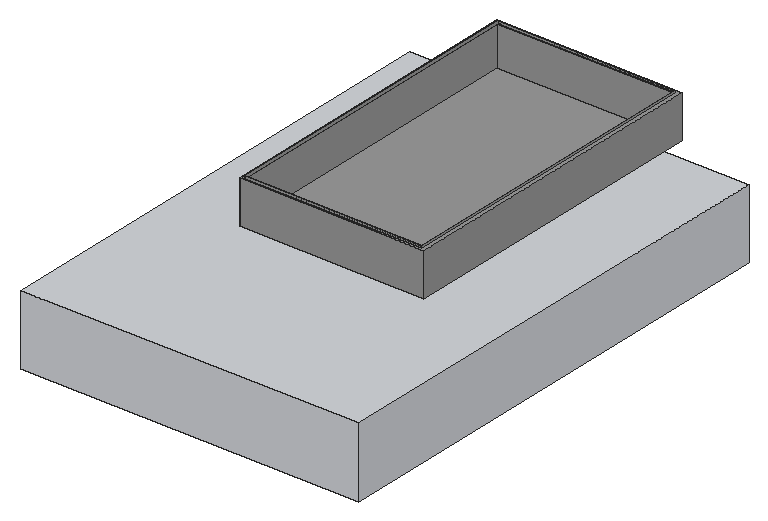
Revit family "Hager-Univers-IP30-D205-H1400-Cl.II-Encl-CH-fr", category Equipement électrique, Revit 2020
Family settings
  Hôte = Face
  Configuration du panneau = Deux colonnes, circuits au sein
  Cote de connecteur circulaire = Utiliser le diamètre
  Type d'élément = Tableau de raccordement
  Couper avec des vides une fois chargée = Non
  Partagée = Non
  Point de calcul de pièce = Non
Parameters (values of type "saillie IP30 L800 H1400 P205  - FP93Q1S")
  Width Control [instance] = if([EF000008 - largeur] > Min Width, [EF000008 - largeur], Min Width)  # 800 mm
  Commentaires du type = [HG000003 - Gamme]  # "Univers"
  Thickness Door [instance] = if([EF009171 - épaisseur de matériau de la porte/du couvercle] > 3 mm, 3 mm, [EF009171 - épaisseur de matériau de la porte/du couvercle])  # 1 mm
  Seal Frame Offset [instance] = 17 mm  # constant formula
  Plinth Visibility [instance] = [HG000027 - Hauteur du socle] > 0 mm  # no
  Model = ""
  Min Width [instance] = 100 mm  # constant formula
  Min Height [instance] = 100 mm  # constant formula
  Min Depth [instance] = (2 * [EF009170 - épaisseur de matériau du boîtier]) + 1 mm  # 3 mm
  Internal Frame Depth [instance] = (Door System Depth * 0.5)  # 9 mm
  Height Control [instance] = if([EF000040 - hauteur] > Min Height, [EF000040 - hauteur], Min Height)  # 1400 mm
  HG000027 - Hauteur du socle = 0 mm
  HG000026 - Installation au sol = no
  HG000024 - Hauteur de la section basse = 800 mm
  HG000023 - Armoire double section = no
  HG000016 - Visibilité de la porte 3D [instance] = yes
  HG000015 - Visibilité de l'emprise de la porte [instance] = no
  HG000014 - Porte à droite [instance] = yes
  HG000013 - Porte à gauche [instance] = not([HG000014 - Porte à droite])  # no
  HG000012 - Angle de pivotement de la porte [instance] = 30.00°
  HG000010 - Portes asymétriques = no
  HG000009 - Porte à double battant = no
  HG000006 - Encastré = no
  HG000004 - Référence fabricant = "FP93Q1S"
  HG000003 - Gamme = "Univers"
  HG000002 - avec porte = no
  Frame Offset Bottom [instance] = 10 mm  # constant formula
  Frame Offset [instance] = 15 mm  # constant formula
  EF015940 - couvercle avec décharge de pression = no
  EF011959 - degré de protection (NEMA) = ""
  EF009554 - nombre d'ouvertures pour plaques à bride = 6
  Fabricant = "Hager"  # constant formula
  EF009212 - finition du couvercle = "EV009916 - avec échancrure"
  EF009171 - épaisseur de matériau de la porte/du couvercle = 1 mm
  EF009170 - épaisseur de matériau du boîtier = 1 mm
  EF008873 - courant nominal (In) = 250 A
  EF007800 - adapté à un parafoudre = no
  EF006306 - avec serrure = no
  EF006244 - couvercle/porte transparent(e) = no
  EF005474 - indice de protection (IP) = "EV006410 - IP30"
  EF004464 - type de porte = "EV000494 - sans"
  EF004427 - nombre de modules = 324
  EF004293 - indice de protection contre les chocs (IK) = "EV006813 - IK07"
  EF003532 - convient pour utilisation à l’extérieur = no
  EF002950 - largeur en nombre de modules = 36
  EF001613 - maintien de fonction = "EV000494 - sans"
  EF001596 - matériau du boîtier/corps = "EV000179 - acier"
  EF001131 - profondeur intérieure = 130 mm
  EF001088 - possibilité de montage en saillie = yes
  EF000437 - nombre d'entrées de conduit = 6
  EF000339 - type de capot = "EV000494 - sans"
  EF000266 - nombre de rangées = 9
  EF000218 - profondeur d'encastrement = 0 mm
  EF000118 - avec cadre/support de montage = no
  EF000116 - numéro RAL = "9010"
  EF000049 - profondeur = 205 mm
  EF000040 - hauteur = 1400 mm
  EF000008 - largeur = 800 mm
  EF000007 - couleur = "EV000202 - blanc"
  EF000003 - mode de pose = "EV000384 - saillie"
  Door System Leaf Tolerance [instance] = 1.5 mm  # constant formula
  Door System Depth [instance] = 18 mm  # constant formula
  Door Height [instance] = Height Control - [HG000027 - Hauteur du socle]  # 1400 mm
  Depth Control [instance] = if([EF000049 - profondeur] > Min Depth, [EF000049 - profondeur], Min Depth)  # 205 mm
  Default Elevation = 0 mm
  Connector Offset [instance] = Height Control / 2  # 700 mm
  Bottom Top Plate Trim [instance] = 1.5 mm  # constant formula
  Plinth height Ctrl [instance] = if([HG000027 - Hauteur du socle] > 0 mm, [HG000027 - Hauteur du socle], 12 mm)  # 12 mm
Types (5, lengths in mm): name | Width Control | HG000004 - Référence fabricant | EF009554 - nombre d'ouvertures pour plaques à bride | EF004427 - nombre de modules | EF002950 - largeur en nombre de modules | EF000437 - nombre d'entrées de conduit | EF000008 - largeur
  saillie IP30 L1050 H1400 P205  - FP94Q1S | 1050 | "FP94Q1S" | 8 | 432 | 48 | 8 | 1050
  saillie IP30 L1300 H1400 P205  - FP95Q1S | 1300 | "FP95Q1S" | 10 | 540 | 60 | 10 | 1300
  saillie IP30 L300 H1400 P205  - FP91Q1S | 300 | "FP91Q1S" | 2 | 108 | 12 | 2 | 300
  saillie IP30 L550 H1400 P205  - FP92Q1S | 550 | "FP92Q1S" | 4 | 216 | 24 | 4 | 550
  saillie IP30 L800 H1400 P205  - FP93Q1S | 800 | "FP93Q1S" | 6 | 324 | 36 | 6 | 800
Reference planes
  plane 1 "Center (Front/Back)": y = 0
  plane 2: z = 0
  plane 3 "Center (Left/Right)": x = 0
  plane 4: z = 205
  plane 5: y = 1
  plane 6: y = 700
  plane 7: y = 0
  plane 8: y = 1400
  plane 9: z = 0
  plane 10: x = -385
  plane 11: x = 385
  plane 12: x = 384
  plane 13: x = -384
  plane 14: y = 1399
  plane 15: x = -383
  plane 16: x = -400
  plane 17: x = 383
  plane 18: x = 400
  plane 19: x = 399
  plane 20: x = -399
  plane 21: y = 11
  plane 22: y = 1400
  plane 23: y = 1384
  plane 24: z = 187
  plane 25: z = 1
  plane 26: z = 186
  plane 27: z = 204
Forms (mm)
  Extrusion 1, solid
    sketch origin (0, 0, 0) x (1, 0, 0) y (0, 1, 0)
      loop
        line (-702.964, 1305) -> (-702.964, -811.445) -> (766.763, -811.445) -> (766.763, 1305) -> (-702.964, 1305)
    from 0 to -304.8
  Extrusion 2, solid, material "Hager_Steel_RAL7035_Light_Grey", visible <- "Plinth Visibility", detail levels medium+fine
    sketch origin (0, 0, 0) x (1, 0, 0) y (0, 1, 0)
      loop
        line (-400, 0) -> (400, 0) -> (400, 12) -> (-400, 12) -> (-400, 0)
    from 0 to 187
  Extrusion 3, solid, material "Hager_Steel_RAL7035_Light_Grey", detail levels medium+fine
    sketch origin (0, 0, 0) x (1, 0, 0) y (0, 1, 0)
      loop
        line (-400, 0) -> (400, 0) -> (400, 1400) -> (-400, 1400) -> (-400, 0)
    from 0 to 187
  Extrusion 4, void
    sketch origin (0, 0, 0) x (1, 0, 0) y (0, 1, 0)
      loop
        line (-399, 1) -> (399, 1) -> (399, 1399) -> (-399, 1399) -> (-399, 1)
    from 1 to 186
  Extrusion 5, void
    sketch origin (-381.607, -4572, 187) x (0, -1, 0) y (-1, 0, 0)
      loop
        line (-4583, 2.393) -> (-5956, 2.393) -> (-5956, -765.607) -> (-4583, -765.607) -> (-4583, 2.393)
    from 0 to 1 <- "EF009170 - épaisseur de matériau du boîtier"
  Extrusion 6, solid, material "Hager_Steel_RAL7035_Light_Grey", detail levels fine
    sketch origin (0, 0, 187) x (1, 0, 0) y (0, 1, 0)
      loop
        line (-384, 1384) -> (-384, 11) -> (384, 11) -> (384, 1384) -> (-384, 1384)
      loop
        line (-385, 10) -> (385, 10) -> (385, 1385) -> (-385, 1385) -> (-385, 10)
    from 0 to 9 <- "Internal Frame Depth"
  Extrusion 7, solid, material "Hager_Steel_RAL7035_Light_Grey", detail levels coarse
    sketch origin (0, 0, 0) x (1, 0, 0) y (0, 1, 0)
      loop
        line (-400, 0) -> (400, 0) -> (400, 1400) -> (-400, 1400) -> (-400, 0)
    from 0 to 205
  Sweep 8, void
    path in 3D
      loop
        line (-400, 12, 0) -> (400, 12, 0) -> (400, 12, 187) -> (-400, 12, 187) -> (-400, 12, 0)
    profile origin (-400, 12, 93.5) x (-1, 0, 0) y (0, -1, 0)
      loop
        line (0, 0) -> (0, 1.5) -> (-1.5, 1.5)
        arc (-1.5, 1.5) -> (-1.061, 0.439) -> (0, 0) r 1.5
Cuts and joins
  Extrusion 4, Extrusion 5 cuts Extrusion 3
  Sweep 8 cuts Extrusion 2
Lines and regions (mm)
  Masking region 1
    outline origin (0, 0, 0) x (1, 0, 0) y (0, 0, 1)
      loop
        line (-400, 205) -> (-400, 0) -> (400, 0) -> (400, 205) -> (-400, 205)
  Masking region 2, detail levels medium+fine
    outline origin (0, 140, 0) x (0, 1, 0) y (0, 0, 1)
      loop
        line (-140, 0) -> (1260, 0) -> (1260, 187) -> (-140, 187) -> (-140, 0)
  Masking region 3, not visible, detail levels medium+fine
    outline origin (0, 297.922, 0) x (0, 1, 0) y (0, 0, 1)
      loop
        line (413.578, 0) -> (453.578, 0) -> (453.578, 194)
        arc (453.578, 194) -> (450.649, 201.071) -> (443.578, 204) r 10
        line (443.578, 204) -> (413.578, 204) -> (413.578, 0)
  Masking region 4, detail levels coarse
    outline origin (0, 0, 180) x (0, 1, 0) y (0, 0, 1)
      loop
        line (0, -180) -> (1400, -180) -> (1400, 25) -> (0, 25) -> (0, -180)
  Masking region 5, visible <- "Plinth Visibility", detail levels medium+fine
    outline origin (0, 52.24, 12.345) x (0, 0, -1) y (0, 1, 0)
      loop
        line (10.845, -40.24) -> (-173.155, -40.24)
        arc (-173.155, -40.24) -> (-173.594, -41.301) -> (-174.655, -41.74) r 1.5
        line (-174.655, -41.74) -> (-174.655, -52.24) -> (12.345, -52.24) -> (12.345, -41.74)
        arc (12.345, -41.74) -> (11.285, -41.301) -> (10.845, -40.24) r 1.5
  Masking region 6, detail levels medium+fine
    outline origin (-381.607, -4572, 187) x (-1, 0, 0) y (0, -1, 0)
      loop
        line (18.393, -5972) -> (18.393, -4572) -> (-781.607, -4572) -> (-781.607, -5972) -> (18.393, -5972)
  Masking region 7, visible <- "Plinth Visibility", detail levels medium+fine
    outline origin (-381.607, -4727, 187) x (-1, 0, 0) y (0, -1, 0)
      loop
        arc (16.893, -4739) -> (17.332, -4737.939) -> (18.393, -4737.5) r 1.5
        line (18.393, -4737.5) -> (18.393, -4727) -> (-781.607, -4727) -> (-781.607, -4737.5)
        arc (-781.607, -4737.5) -> (-780.546, -4737.939) -> (-780.107, -4739) r 1.5
        line (-780.107, -4739) -> (16.893, -4739)
  Masking region 8, detail levels coarse
    outline origin (-442.548, -4669.526, 187) x (-1, 0, 0) y (0, -1, 0)
      loop
        line (-42.548, -6069.526) -> (-42.548, -4669.526) -> (-842.548, -4669.526) -> (-842.548, -6069.526) -> (-42.548, -6069.526)
  sketch lines
    curve 1: line (-400, 12, 187) -> (-400, 12, 0)
    curve 2: line (400, 12, 187) -> (-400, 12, 187)
    curve 3: line (400, 12, 187) -> (400, 12, 0)
    curve 4: line (-400, 12, 0) -> (400, 12, 0)
Dimensions and locks
  "Depth Control": plane 4 to Extrusion 1
  "HG000027 - Hauteur du socle": plane 1 "Center (Front/Back)" to plane 7
  "EF009170 - épaisseur de matériau du boîtier": plane 5 to plane 7
  locked: connector elem to plane 3 "Center (Left/Right)"
  equal spacing: plane 8, plane 6, plane 7
  locked: connector elem to plane 6
  "EF009170 - épaisseur de matériau du boîtier": plane 8 to plane 14
  "EF009170 - épaisseur de matériau du boîtier": plane 10 to plane 13
  "EF009170 - épaisseur de matériau du boîtier": plane 12 to plane 11
  "Frame Offset": plane 20 to plane 13
  "Frame Offset": plane 12 to plane 19
  "EF009170 - épaisseur de matériau du boîtier": plane 16 to plane 20
  "EF009170 - épaisseur de matériau du boîtier": plane 19 to plane 18
  "Seal Frame Offset": plane 16 to plane 15
  "Seal Frame Offset": plane 17 to plane 18
  "Frame Offset Bottom": plane 21 to plane 5
  "Frame Offset": plane 14 to plane 23
  equal spacing: plane 16, plane 3 "Center (Left/Right)", plane 18
  "Width Control": plane 16 to plane 18
  "EF009170 - épaisseur de matériau du boîtier": plane 4 to plane 27
  "EF009170 - épaisseur de matériau du boîtier": plane 24 to plane 26
  "EF009170 - épaisseur de matériau du boîtier": plane 25 to level
  "Door System Depth": plane 4 to plane 24
  "Height Control": plane 1 "Center (Front/Back)" to Extrusion 7 sketch curve
  "Height Control": Masking region 4 sketch curve to plane 1 "Center (Front/Back)"
  "Height Control": plane 1 "Center (Front/Back)" to plane 22
  "Bottom Top Plate Trim": profile plane to Sweep 8 sketch curve
  "Bottom Top Plate Trim": Sweep 8 sketch curve to profile plane
  "Plinth height Ctrl": plane 1 "Center (Front/Back)" to Extrusion 2 sketch curve
  "Plinth height Ctrl": Masking region 5 sketch curve to plane 1 "Center (Front/Back)"
  "Plinth height Ctrl": plane 1 "Center (Front/Back)" to Masking region 7 sketch curve
  "Thickness Door": Extrusion 6 sketch curve to Extrusion 6 sketch curve  (x3)
  "Thickness Door": cut or joined group of Extrusion 3, Extrusion 4, Extrusion 5 to Extrusion 6 sketch curve
  radius of Masking region 3 sketch curve = 10 mm
  "Bottom Top Plate Trim": radius of Masking region 5 sketch curve  (x2)
  "Bottom Top Plate Trim": radius of Sweep 8 sketch curve
  "Bottom Top Plate Trim": radius of Masking region 7 sketch curve  (x2)
  aligned and locked: plane 2 to Extrusion 1
  aligned and locked: level to Extrusion 1
  aligned and locked: level to Masking region 1 sketch curve
  aligned and locked: Masking region 1 sketch curve to plane 18
  aligned and locked: Masking region 1 sketch curve to plane 16
  aligned and locked: plane 7 to Masking region 2 sketch curve
  aligned and locked: level to Masking region 3 sketch curve
  aligned and locked: Masking region 3 sketch curve to plane 27
  aligned and locked: level to Masking region 2 sketch curve
  aligned and locked: plane 1 "Center (Front/Back)" to Extrusion 2 sketch curve
  aligned and locked: Extrusion 3 sketch curve to plane 7
  aligned and locked: plane 16 to Extrusion 3 sketch curve
  aligned and locked: plane 18 to Extrusion 3 sketch curve
  aligned and locked: plane 20 to Extrusion 4 sketch curve
  aligned and locked: plane 19 to Extrusion 4 sketch curve
  aligned and locked: Extrusion 4 sketch curve to plane 5
  aligned and locked: Extrusion 4 to plane 25
  aligned and locked: plane 26 to Extrusion 4
  aligned and locked: plane 24 to Extrusion 3
  aligned and locked: Extrusion 5 sketch curve to plane 21
  aligned and locked: Extrusion 5 sketch curve to plane 13
  aligned and locked: Extrusion 5 sketch curve to plane 12
  aligned and locked: plane 18 to Extrusion 7 sketch curve
  aligned and locked: plane 1 "Center (Front/Back)" to Extrusion 7 sketch curve
  aligned and locked: plane 16 to Extrusion 7 sketch curve
  aligned and locked: plane 4 to Extrusion 7
  aligned and locked: Extrusion 7 to level
  aligned and locked: level to Masking region 4 sketch curve
  aligned and locked: Masking region 4 sketch curve to plane 1 "Center (Front/Back)"
  aligned and locked: Masking region 4 sketch curve to plane 4
  aligned and locked: nested 1 to level
  aligned and locked: nested 1 to plane 16
  aligned and locked: plane 8 to Extrusion 3 sketch curve
  aligned and locked: plane 23 to Extrusion 5 sketch curve
  aligned and locked: plane 14 to Extrusion 4 sketch curve
  aligned and locked: Masking region 2 sketch curve to plane 8
  aligned and locked: level to Masking region 5 sketch curve
  aligned and locked: plane 16 to Extrusion 2 sketch curve
  aligned and locked: plane 18 to Extrusion 2 sketch curve
  aligned and locked: Masking region 5 sketch curve to plane 24
  aligned and locked: Masking region 2 sketch curve to plane 24
  aligned and locked: plane 24 to Extrusion 2
  aligned and locked: profile plane to Sweep 8 sketch curve  (x2)
  aligned and locked: Masking region 6 sketch curve to plane 18
  aligned and locked: Masking region 6 sketch curve to plane 22
  aligned and locked: Masking region 6 sketch curve to plane 16
  aligned and locked: plane 8 to plane 22
  aligned and locked: Masking region 6 sketch curve to plane 7
  aligned and locked: Masking region 7 sketch curve to plane 16
  aligned and locked: Masking region 7 sketch curve to plane 1 "Center (Front/Back)"
  aligned and locked: Masking region 7 sketch curve to plane 18
  aligned and locked: Masking region 8 sketch curve to plane 1 "Center (Front/Back)"
  aligned and locked: Masking region 8 sketch curve to plane 18
  aligned and locked: Masking region 8 sketch curve to plane 22
  aligned and locked: Masking region 8 sketch curve to plane 16
  aligned and locked: nested 2 to plane 7
  aligned and locked: plane 3 "Center (Left/Right)" to nested 2
  aligned and locked: nested 2 to plane 24
  aligned and locked: Extrusion 6 sketch curve to cut or joined group of Extrusion 3, Extrusion 4, Extrusion 5  (x4)
Automatic sketch dimensions
  Extrusion 1 sketch curve to Extrusion 1 sketch curve = 1469.727 mm
  Extrusion 1 sketch curve to Extrusion 1 sketch curve = 2116.445 mm
  Masking region 1 sketch curve to plane 4 = 0 mm
  plane 6 to Masking region 3 sketch curve = 11.5 mm
  Masking region 3 sketch curve to Masking region 3 sketch curve = 30 mm
  Masking region 5 sketch curve to plane 1 "Center (Front/Back)" = 0 mm
Nested families
  nested 1: "Hager_Enclosure_Symbol" at (-400, 0, 0) x (1, 0, 0) z (0, -1, 0), Height <- "Depth Control", Width <- "Width Control", type "Hager_Enclosure_Symbol"
    with Width_Ctrl 800 mm, Width 800 mm, Height_Ctrl 205 mm, Height 205 mm, A_Width_Int 13.453 mm, A_Width 161.438 mm, A_Height_Ctrl 179.375 mm, A_Height 179.375 mm
  nested 2: "EC000058_Univers_Door" at (0, 0, 187) x (1, 0, 0) z (0, 1, 0), Leaf_Tolerance <- "Door System Leaf Tolerance", Angle <- "HG000012 - Angle de pivotement de la porte", Door_Depth <- "Door System Depth", Door_Left <- "HG000013 - Porte à gauche", Transparent <- "EF006244 - couvercle/porte transparent(e)", Assymetrical <- "HG000010 - Portes asymétriques", Width <- "Width Control", Clearance <- "HG000015 - Visibilité de l'emprise de la porte", Double <- "HG000009 - Porte à double battant", 3d_Door <- "HG000016 - Visibilité de la porte 3D", Lock_Visibility <- "EF006306 - avec serrure", Width_Ctrl <- "Width Control", Door_Right <- "HG000014 - Porte à droite", Door <- "HG000002 - avec porte", Height <- "Door Height", Thickness <- "Thickness Door", type "EC000058_Univers_Door", detail levels medium+fine
    with min_wh 3 mm, Width_Ctrl 800 mm, Width 800 mm, Transparent no, Thickness 1 mm, Seal_Material Hager_Rubber, Lock_Visibility no, Lock_Material Hager_Plastic_RAL9005_Jet_Black, Leaf_Width 800 mm, Leaf_Tolerance_External_Sides 0 mm, Leaf_Tolerance 1.5 mm, Leaf_Offset 0 mm, Leaf_Height 1397 mm, Leaf_2_Width 800 mm, Leaf_2_Offset 400 mm, Leaf_1_Width 800 mm, Leaf_1_Offset 400 mm, Height_Ctrl 1400 mm, Height 1400 mm, Glass_Material Hager_Glass, Double_Clearance_Ctrl no, Double no, Door_Right_Ctrl no, Door_Right yes, Door_Material Hager_Steel_RAL7035_Light_Grey, Door_Left_Ctrl no, Door_Left no, Door_Depth 18 mm, Door no, Clearance_Material Hager_Clearance, Clearance_Depth 800 mm, Clearance_Ctrl no, Clearance no, Assymetrical no, Angle 30.00°, 3d_Door yes
Connectors
  electrical at (0, 700, 0)
    settings: on plane 9, index 1, voltage 0 V, apparent load 0 VA, apparent load phase1 0 VA, apparent load phase2 0 VA, apparent load phase3 0 VA, power factor 1, load classification "Other", number of poles 1, system type 30, power factor state 1, is connector primary yes, connector utility no, sub classification motor no, connector description ""
Definition of nested family "Hager_Enclosure_Symbol"
  Parameters (values of type "Hager_Enclosure_Symbol")
    Width_Ctrl [instance] = if(Width > 1 mm, Width, 1 mm)  # 102.27 mm
    Width [instance] = 102.27 mm
    Height_Ctrl [instance] = if(Height > 1 mm, Height, 1 mm)  # 66.5 mm
    A_Width_Int [instance] = if(A_Width / 12 > 2 mm, A_Width / 12, 2 mm)  # 4.364 mm
    A_Width [instance] = if(A_Height_Ctrl * 0.9 > 2 mm, A_Height_Ctrl * 0.9, 2 mm)  # 52.369 mm
    A_Height_Ctrl [instance] = if(A_Height > 2 mm, A_Height, 2 mm)  # 58.188 mm
    Height [instance] = 66.5 mm
    A_Height [instance] = Height - (Height / 8)  # 58.188 mm
  Reference planes
    plane 1 "Centre (avant/arrière)": y = 0
    plane 2: z = 0
    plane 3 "Centre (gauche/droite)": x = 0
    plane 4: x = 52.369
    plane 5: y = 33.042
    plane 6: y = 41.77
    plane 7: y = 66.5
    plane 8: x = 26.184
    plane 9: y = 37.406
    plane 10: x = 102.27
    plane 11: y = 66.5
    plane 12: y = 8.313
  Lines and regions (mm)
    Filled region 1, type "Solid_Black", in view "Niveau de réf."
      outline origin (0, 0, 0) x (1, 0, 0) y (0, 1, 0)
        loop
          line (52.369, 66.5) -> (33.188, 54.536) -> (45.365, 45.006) -> (52.369, 66.5)
    Filled region 2, type "Solid_Black", in view "Niveau de réf."
      outline origin (0, 0, 0) x (1, 0, 0) y (0, 1, 0)
        loop
          line (0, 0) -> (102.27, 0) -> (102.27, 66.5) -> (0, 0)
    detail lines, in view "Niveau de réf."
      curve 1: line (0, 8.313, 0) -> (26.184, 41.77, 0)
      curve 2: line (26.184, 41.77, 0) -> (26.184, 33.042, 0)
      curve 3: line (26.184, 33.042, 0) -> (52.369, 66.5, 0)
  Dimensions and locks
    "A_Width": plane 3 "Centre (gauche/droite)" to plane 4
    equal spacing: plane 3 "Centre (gauche/droite)", plane 8, plane 4
    equal spacing: plane 6, plane 9, plane 5
    equal spacing: curve 3, Filled region 1 sketch curve, Filled region 1 sketch curve
    "Height_Ctrl": plane 1 "Centre (avant/arrière)" to plane 11
    "A_Height_Ctrl": plane 11 to plane 12
    equal spacing: plane 11, plane 9, plane 12
    "A_Width_Int": plane 6 to plane 9
    "Width_Ctrl": plane 3 "Centre (gauche/droite)" to plane 10
    angle Filled region 1 sketch curve to curve 3 = 20.00°
    angle curve 3 to Filled region 1 sketch curve = 20.00°
    locked: curve 3 to Filled region 1 sketch curve (angle 90.00°)
    aligned and locked: plane 10 to Filled region 2
    aligned and locked: plane 11 to Filled region 2 sketch curve
    aligned and locked: plane 10 to Filled region 2 sketch curve
    aligned and locked: plane 3 "Centre (gauche/droite)" to curve 1
    aligned and locked: plane 12 to curve 1
    aligned and locked: plane 7 to plane 11
  Automatic sketch dimensions
    Filled region 1 sketch curve to plane 4 = 0 mm
    Filled region 1 sketch curve to plane 7 = 0 mm
    plane 1 "Centre (avant/arrière)" to Filled region 2 sketch curve = 0 mm
    Filled region 2 sketch curve to plane 3 "Centre (gauche/droite)" = 0 mm
    curve 2 to plane 6 = 0 mm
    curve 2 to plane 8 = 0 mm
    curve 3 to plane 4 = 0 mm
    curve 2 to plane 5 = 0 mm
    curve 3 to plane 7 = 0 mm
Definition of nested family "EC000058_Univers_Door"
  Parameters (values of type "EC000058_Univers_Door")
    min_wh [instance] = (2 * Thickness) + 1 mm  # 11 mm
    Width_Ctrl [instance] = 400 mm
    Width [instance] = 500 mm
    Transparent [instance] = yes
    Thickness [instance] = 5 mm
    Seal_Material [instance] = none
    Lock_Visibility [instance] = yes
    Lock_Material [instance] = none
    Leaf_Width [instance] = if((Width_Ctrl - 2 * Leaf_Tolerance_External_Sides) > 0 mm, (Width_Ctrl - 2 * Leaf_Tolerance_External_Sides), min_wh)  # 400 mm
    Leaf_Tolerance_External_Sides [instance] = 0 mm  # constant formula
    Leaf_Tolerance [instance] = 1.5 mm
    Leaf_Offset [instance] = 0 mm  # constant formula
    Leaf_Height [instance] = if((Height_Ctrl - 2 * Leaf_Tolerance) > 0 mm, (Height_Ctrl - 2 * Leaf_Tolerance), min_wh)  # 497 mm
    Leaf_2_Width [instance] = if(and(and(Double, Assymetrical), Door_Left), (Leaf_Width / 3) - (Leaf_Tolerance / 2), if(and(and(Double, Assymetrical), Door_Right), (Leaf_Width / 3) * 2 - (Leaf_Tolerance / 2), if(and(Double, not(Assymetrical)), (Leaf_Width / 2) - Leaf_Tolerance, Leaf_Width)))  # 400 mm
    Leaf_2_Offset [instance] = if(and(Double, Assymetrical), Leaf_2_Width / 2, if(and(Double, not(Assymetrical)), Leaf_Width / 4, Leaf_Width / 2))  # 200 mm
    Leaf_1_Width [instance] = if(and(and(Double, Assymetrical), Door_Right), (Leaf_Width / 3) - (Leaf_Tolerance / 2), if(and(and(Double, Assymetrical), Door_Left), (Width / 3) * 2 - (Leaf_Tolerance / 2), if(and(Double, not(Assymetrical)), (Leaf_Width / 2) - Leaf_Tolerance, Leaf_Width)))  # 400 mm
    Leaf_1_Offset [instance] = if(and(Double, Assymetrical), Leaf_1_Width / 2, if(and(Double, not(Assymetrical)), Leaf_Width / 4, Leaf_Width / 2))  # 200 mm
    Height_Ctrl [instance] = if(Height > min_wh, Height, min_wh)  # 500 mm
    Height [instance] = 500 mm
    Glass_Material [instance] = none
    Double_Clearance_Ctrl [instance] = and(Double, Clearance)  # no
    Double [instance] = no
    Door_Right_Ctrl [instance] = and(or(Door_Right, Double), Door)  # yes
    Door_Right [instance] = yes
    Door_Material [instance] = none
    Door_Left_Ctrl [instance] = and(or(Door_Left, Double), Door)  # no
    Door_Left [instance] = no
    Door_Depth [instance] = 30 mm
    Door [instance] = yes
    Default Elevation = 1219.2 mm
    Clearance_Material [instance] = none
    Clearance_Depth [instance] = if(Leaf_1_Width > Leaf_2_Width, Leaf_1_Width, Leaf_2_Width)  # 400 mm
    Clearance_Ctrl [instance] = and(not(Double), Clearance)  # yes
    Clearance [instance] = yes
    Assymetrical [instance] = yes
    Angle [instance] = 30.00°
    3d_Door [instance] = yes
  Reference planes
    plane 1 "Center (Front/Back)": y = 0
    plane 2 "Bottom": z = 0
    plane 3 "Center (Left/Right)": x = 0
    plane 4: z = 500
    plane 5: x = -200
    plane 6: x = 200
    plane 7: z = 500
    plane 8: x = -200
    plane 9: z = 0
    plane 10: x = 200
    plane 11: y = 0
    plane 12: z = 1.5
    plane 13: x = -600
    plane 14: y = -400
    plane 15: x = 600
    plane 16: x = 0
    plane 17: x = 0
    plane 18: x = -200
    plane 19: x = 200
    plane 20: z = 498.5
  Forms (mm)
    Extrusion 1, solid, material <- "Clearance_Material", visible <- "Double_Clearance_Ctrl"
      sketch origin (1200, 0, 0) x (1, 0, 0) y (0, 0, -1)
        loop
          line (-1800, -498.5) -> (-600, -498.5) -> (-600, 0) -> (-1800, 0) -> (-1800, -498.5)
      from 0 to -400
  Dimensions and locks
    equal spacing: plane 5, plane 3 "Center (Left/Right)", plane 6
    "Width_Ctrl": plane 5 to plane 6
    "Leaf_Offset": plane 5 to plane 8
    "Leaf_Offset": plane 6 to plane 10
    "Leaf_Offset": plane 9 to level
    "Leaf_Offset": plane 4 to plane 7
    "Height_Ctrl": plane 4 to level
    "Leaf_Tolerance": plane 12 to plane 9
    locked: plane 11 to plane 1 "Center (Front/Back)"
    "Leaf_1_Offset": plane 18 to plane 16
    "Leaf_2_Offset": plane 17 to plane 19
    "Leaf_1_Width": plane 13 to plane 8
    "Leaf_2_Width": plane 10 to plane 15
    "Clearance_Depth": plane 14 to plane 1 "Center (Front/Back)"
    "Leaf_Tolerance_External_Sides": plane 8 to plane 18
    "Leaf_Tolerance_External_Sides": plane 19 to plane 10
    "Leaf_Tolerance": plane 7 to plane 20
    aligned and locked: level to plane 2 "Bottom"
    aligned and locked: nested 1 to plane 16
    aligned and locked: nested 2 to plane 17
    aligned and locked: Extrusion 1 to plane 13
    aligned and locked: plane 15 to Extrusion 1
    aligned and locked: Extrusion 1 to plane 14
    aligned and locked: plane 12 to nested 1
    aligned and locked: nested 2 to plane 12
    aligned and locked: Extrusion 1 to plane 11
    aligned and locked: plane 20 to Extrusion 1
    aligned and locked: nested 2 to plane 11
    aligned and locked: nested 1 to plane 11
  Automatic sketch dimensions
    Extrusion 1 sketch curve to level = 0 mm
    plane 5 to Extrusion 1 sketch curve = 400 mm
    plane 6 to Extrusion 1 sketch curve = 400 mm
    Extrusion 1 sketch curve to plane 4 = 1.5 mm
  Nested families
    nested 1: "EC000058_Univers_Door_Leaf" at (0, 0, 1.5), Width <- "Leaf_1_Width", visible <- "Door_Left_Ctrl", Leaf_Height <- "Leaf_Height", Angle <- "Angle", 3d_Door <- "3d_Door", Transparent <- "Transparent", Clearance Material <- "Clearance_Material", Clearance <- "Clearance_Ctrl", Door_Material <- "Door_Material", Glass_Material <- "Glass_Material", Door_Depth <- "Door_Depth", Lock_Material <- "Lock_Material", Seal_Material <- "Seal_Material", Lock_Visibility <- "Lock_Visibility", Thickness <- "Thickness", type "EC000058_Univers_Door_Leaf"
      with Width 400 mm, Transparent_Glass_Offset 30 mm, Transparent_Ctrl yes, Transparent yes, Thickness 5 mm, Standard no, Seal_Material none, Seal_D2 8 mm, Seal_D1 1 mm, Offset_Internal_Frame 10 mm, Lock_Width 20 mm, Lock_Visibility_3d yes, Lock_Visibility yes, Lock_Thickness_3 3 mm, Lock_Thickness_2 1 mm, Lock_Thickness_1 3 mm, Lock_Radius_Offset_2 16 mm, Lock_Radius_Offset_1 15 mm, Lock_Radius_2 5 mm, Lock_Radius 6 mm, Lock_Offset 5 mm, Lock_Material none, Lock_Height 80 mm, Lock_Cover_Top_Offset_2d 17 mm, Lock_Cover_Height -65 mm, Leaf_Height 497 mm, Internal_Seal_Thickness 8 mm, Internal_Seal_Depth_2 4.5 mm, Internal_Frame_Depth 25 mm, Glass_Thickness -1 mm, Glass_Offset -2 mm, Glass_Material none, Door_Material none, Door_Depth 30 mm, Clearance Material none, Clearance yes, Angle_Ctrl 30.00°, Angle 30.00°, 3d_Door yes
    nested 2: "EC000058_Univers_Door_Leaf" at (0, 0, 1.5) x (-1, 0, 0) z (0, 0, 1), Width <- "Leaf_2_Width", visible <- "Door_Right_Ctrl", Leaf_Height <- "Leaf_Height", Angle <- "Angle", 3d_Door <- "3d_Door", Transparent <- "Transparent", Clearance Material <- "Clearance_Material", Clearance <- "Clearance_Ctrl", Door_Material <- "Door_Material", Glass_Material <- "Glass_Material", Door_Depth <- "Door_Depth", Lock_Material <- "Lock_Material", Seal_Material <- "Seal_Material", Lock_Visibility <- "Lock_Visibility", Thickness <- "Thickness", type "EC000058_Univers_Door_Leaf"
      with Width 400 mm, Transparent_Glass_Offset 30 mm, Transparent_Ctrl yes, Transparent yes, Thickness 5 mm, Standard no, Seal_Material none, Seal_D2 8 mm, Seal_D1 1 mm, Offset_Internal_Frame 10 mm, Lock_Width 20 mm, Lock_Visibility_3d yes, Lock_Visibility yes, Lock_Thickness_3 3 mm, Lock_Thickness_2 1 mm, Lock_Thickness_1 3 mm, Lock_Radius_Offset_2 16 mm, Lock_Radius_Offset_1 15 mm, Lock_Radius_2 5 mm, Lock_Radius 6 mm, Lock_Offset 5 mm, Lock_Material none, Lock_Height 80 mm, Lock_Cover_Top_Offset_2d 17 mm, Lock_Cover_Height -65 mm, Leaf_Height 497 mm, Internal_Seal_Thickness 8 mm, Internal_Seal_Depth_2 4.5 mm, Internal_Frame_Depth 25 mm, Glass_Thickness -1 mm, Glass_Offset -2 mm, Glass_Material none, Door_Material none, Door_Depth 30 mm, Clearance Material none, Clearance yes, Angle_Ctrl 30.00°, Angle 30.00°, 3d_Door yes
  Definition of nested family "EC000058_Univers_Door_Leaf"
    Parameters (values of type "EC000058_Univers_Door_Leaf")
      Width [instance] = 2000 mm
      Transparent_Glass_Offset [instance] = 30 mm
      Transparent_Ctrl [instance] = and(Transparent, [3d_Door])  # yes
      Transparent [instance] = yes
      Thickness [instance] = 5 mm
      Standard [instance] = and(not(Transparent), [3d_Door])  # no
      Seal_Material [instance] = none
      Seal_D2 [instance] = 8 mm  # constant formula
      Seal_D1 [instance] = 1 mm  # constant formula
      Offset_Internal_Frame [instance] = 10 mm  # constant formula
      Lock_Width [instance] = 20 mm  # constant formula
      Lock_Visibility_3d [instance] = and(Lock_Visibility, [3d_Door])  # yes
      Lock_Visibility [instance] = yes
      Lock_Thickness_3 [instance] = 3 mm  # constant formula
      Lock_Thickness_2 [instance] = 1 mm  # constant formula
      Lock_Thickness_1 [instance] = 3 mm  # constant formula
      Lock_Radius_Offset_2 [instance] = Lock_Radius_Offset_1 + 1 mm  # 16 mm
      Lock_Radius_Offset_1 [instance] = 15 mm  # constant formula
      Lock_Radius_2 [instance] = Lock_Radius - 1 mm  # 5 mm
      Lock_Radius [instance] = 6 mm  # constant formula
      Lock_Offset [instance] = 5 mm  # constant formula
      Lock_Material [instance] = none
      Lock_Height [instance] = 80 mm  # constant formula
      Lock_Cover_Top_Offset_2d [instance] = Lock_Radius_Offset_2 + 1 mm  # 17 mm
      Lock_Cover_Height [instance] = -(Lock_Height - Lock_Radius_Offset_1)  # -65 mm
      Leaf_Height [instance] = 2720.336 mm
      Internal_Seal_Thickness [instance] = 8 mm  # constant formula
      Internal_Seal_Depth_2 [instance] = 4.5 mm  # constant formula
      Internal_Frame_Depth [instance] = if(Door_Depth - Thickness > 5 mm, Door_Depth - Thickness, 5 mm)  # 25 mm
      Glass_Thickness [instance] = if(Thickness > 15 mm, Glass_Offset + 10 mm, -1 mm)  # -1 mm
      Glass_Offset [instance] = if(Thickness > 15 mm, -(Thickness + 10 mm) / 2, -2 mm)  # -2 mm
      Glass_Material [instance] = none
      Door_Material [instance] = none
      Door_Depth [instance] = 30 mm
      Default Elevation = 0 mm
      Clearance Material [instance] = none
      Clearance [instance] = yes
      Angle_Ctrl [instance] = if(Angle > 180.00°, 180.00°, Angle)  # 90.00°
      Angle [instance] = 90.00°
      3d_Door [instance] = yes
    Reference planes
      plane 1 "Center (Front/Back)": y = 0
      plane 2: z = 0
      plane 3 "Center (Left/Right)": x = 0
      plane 4: y = 2000
      plane 5: x = -1000
      plane 6: x = 1000
      plane 7: x = -3000
      plane 8: z = 2720.336
      plane 9: z = 30
      plane 10: z = 2690.336
      plane 11: x = 970
      plane 12: x = -970
      plane 13: y = -3
      plane 14: z = 107.833
      plane 15: y = -5
      plane 16: y = -223.314
      plane 17: x = -1000
      plane 18: z = 1360.168
      plane 19: y = 30
    Forms (mm)
      Extrusion 1, solid, material <- "Clearance Material", visible <- "Clearance"
        sketch origin (0, 0, 0) x (1, 0, 0) y (0, 0, 1)
          loop
            line (-3000, 2720.336) -> (-3000, 0) -> (1000, 0) -> (1000, 2720.336) -> (-3000, 2720.336)
        from 0 to -2000
      Extrusion 2, solid, material <- "Door_Material", visible <- "Standard", detail levels medium+fine
        sketch origin (-1000, 0, 0) x (0, 1, 0) y (-1, 0, 0)
          loop
            line (0, 30) -> (0, 25) -> (2000, 25) -> (2000, 30) -> (0, 30)
        from 0 to 2720.336 <- "Leaf_Height"
      Extrusion 3, solid, material <- "Door_Material", visible <- "Transparent_Ctrl", detail levels medium+fine
        sketch origin (-1000, 0, 0) x (0, 1, 0) y (-1, 0, 0)
          loop
            line (0, 25) -> (2000, 25) -> (2000, 30) -> (0, 30) -> (0, 25)
        from 0 to 2720.336 <- "Leaf_Height"
      Extrusion 4, void
        sketch origin (-1025, 2000, 0) x (0, 1, 0) y (0, 0, -1)
          loop
            line (-30, -2690.336) -> (-30, -30) -> (-1970, -30) -> (-1970, -2690.336) -> (-30, -2690.336)
        from 0 to 5 <- "Thickness"
      Sweep 5, solid, material <- "Seal_Material", visible <- "Transparent_Ctrl", detail levels fine
        path in 3D
          loop
            line (-1025, 30, 30) -> (-1025, 30, 2690.336) -> (-1025, 1970, 2690.336) -> (-1025, 1970, 30) -> (-1025, 30, 30)
        profile origin (-1025, 1000, 30) x (1, 0, 0) y (0, 0, 1)
          loop
            line (0, 0) -> (0, -8) -> (1, -8) -> (1, 0) -> (0, 0)
      Extrusion 6, solid, material <- "Glass_Material", visible <- "Transparent_Ctrl", detail levels medium+fine
        sketch origin (-1030, 0, 0) x (0, 1, 0) y (0, 0, -1)
          loop
            line (1970, -2690.336) -> (1970, -30) -> (30, -30) -> (30, -2690.336) -> (1970, -2690.336)
        from -2 <- "Glass_Offset" to -1 <- "Glass_Thickness"
      Extrusion 7, solid, material <- "Door_Material", visible <- "3d_Door", detail levels medium+fine
        sketch origin (-1025, 2000, 0) x (0, -1, 0) y (0, 0, -1)
          loop
            line (0, -2720.336) -> (2000, -2720.336) -> (2000, 0) -> (0, 0) -> (0, -2720.336)
          loop
            line (1995, -5) -> (5, -5) -> (5, -2715.336) -> (1995, -2715.336) -> (1995, -5)
        from 0 to 25 <- "Internal_Frame_Depth"
      Sweep 8, solid, material <- "Seal_Material", visible <- "Transparent_Ctrl", detail levels fine
        path in 3D
          loop
            line (-1025, 0, 0) -> (-1025, 2000, 0) -> (-1025, 2000, 2720.336) -> (-1025, 0, 2720.336) -> (-1025, 0, 0)
        profile origin (-1025, 0, 1360.168) x (1, 0, 0) y (0, 1, 0)
          loop
            line (0, 10) -> (2.975, 10)
            arc (2.975, 10) -> (4.053, 10.447) -> (4.5, 11.525) r 1.525
            line (4.5, 11.525) -> (4.5, 16.527)
            arc (4.5, 16.527) -> (4.069, 17.569) -> (3.027, 18) r 1.473
            line (3.027, 18) -> (0, 18) -> (0, 10)
      Extrusion 9, solid, material <- "Lock_Material", visible <- "Lock_Visibility_3d", detail levels fine
        sketch origin (-1030, 0, 0) x (0, 1, 0) y (0, 0, -1)
          loop
            arc (1993.5, -1400.168) -> (1994.561, -1399.729) -> (1995, -1398.668) r 1.5
            line (1995, -1398.668) -> (1995, -1320.168) -> (1975, -1320.168) -> (1975, -1398.668)
            arc (1975, -1398.668) -> (1975.439, -1399.729) -> (1976.5, -1400.168) r 1.5
            line (1976.5, -1400.168) -> (1993.5, -1400.168)
        from 3 <- "Lock_Thickness_1" to 0
      Blend 10, solid, material <- "Lock_Material", visible <- "Lock_Visibility_3d", detail levels fine
        base sketch origin (-1033, 0, 0) x (0, 1, 0) y (0, 0, -1)
          loop
            line (1975, -1320.168) -> (1975, -1398.668)
            arc (1975, -1398.668) -> (1975.439, -1399.729) -> (1976.5, -1400.168) r 1.5
            line (1976.5, -1400.168) -> (1993.5, -1400.168)
            arc (1993.5, -1400.168) -> (1994.561, -1399.729) -> (1995, -1398.668) r 1.5
            line (1995, -1398.668) -> (1995, -1320.168) -> (1975, -1320.168)
        top sketch origin (-1033, 0, 0) x (0, 1, 0) y (0, 0, -1)
          loop
            line (1976, -1320.168) -> (1976, -1398.668)
            arc (1976, -1398.668) -> (1976.146, -1399.022) -> (1976.5, -1399.168) r 0.5
            line (1976.5, -1399.168) -> (1993.5, -1399.168)
            arc (1993.5, -1399.168) -> (1993.854, -1399.022) -> (1994, -1398.668) r 0.5
            line (1994, -1398.668) -> (1994, -1320.168) -> (1976, -1320.168)
        from 0 to 1 <- "Lock_Thickness_2"
      Blend 11, solid, material <- "Lock_Material", visible <- "Lock_Visibility_3d", detail levels fine
        base sketch origin (-1034, 0, 0) x (0, 1, 0) y (0, 0, -1)
          loop
            line (1978, -1320.168) -> (1978, -1384.168)
            arc (1978, -1384.168) -> (1985, -1391.168) -> (1992, -1384.168) r 7
            line (1992, -1384.168) -> (1992, -1320.168) -> (1978, -1320.168)
        top sketch origin (-1034, 0, 0) x (0, 1, 0) y (0, 0, -1)
          loop
            line (1991, -1320.168) -> (1979, -1320.168) -> (1979, -1383.168)
            arc (1979, -1383.168) -> (1985, -1389.168) -> (1991, -1383.168) r 6
            line (1991, -1383.168) -> (1991, -1320.168)
        from 0 to 3 <- "Lock_Thickness_3"
      Extrusion 12, solid, material <- "Lock_Material", visible <- "Lock_Visibility_3d", detail levels fine
        sketch origin (-1030, 1975, 1320.168) x (1, 0, 0) y (0, -1, 0)
          loop
            line (-7, -19) -> (-7, -1) -> (0, -1) -> (0, 0) -> (-8, 0) -> (-8, -20) -> (0, -20) -> (0, -19) -> (-7, -19)
        from 0 to -65 <- "Lock_Cover_Height"
      Extrusion 13, void
        sketch origin (-1038, 1995, 1320.168) x (-1, 0, 0) y (0, 0, -1)
          loop
            line (-5, -65) -> (0, -65) -> (-5, -60) -> (-5, -65)
        from 0 to 20 <- "Lock_Width"
      Extrusion 14, void
        sketch origin (-1038, 1975, 1320.168) x (0, -1, 0) y (0, 0, -1)
          loop
            circle (-10, -15.995) r 6
          loop
            circle (-10, -15.995) r 5
        from 0 to 2
      Extrusion 15, solid, material <- "Lock_Material", visible <- "Lock_Visibility_3d", detail levels medium
        sketch origin (-1030, 0, 0) x (0, 1, 0) y (0, 0, -1)
          loop
            arc (1993.5, -1400.168) -> (1994.561, -1399.729) -> (1995, -1398.668) r 1.5
            line (1995, -1398.668) -> (1995, -1320.168) -> (1975, -1320.168) -> (1975, -1398.668)
            arc (1975, -1398.668) -> (1975.439, -1399.729) -> (1976.5, -1400.168) r 1.5
            line (1976.5, -1400.168) -> (1993.5, -1400.168)
        from 8 to 0
    Cuts and joins
      Extrusion 4 cuts Extrusion 3
      Extrusion 13, Extrusion 14 cuts Extrusion 9
      Extrusion 14 cuts Blend 11
      Extrusion 13, Extrusion 14 cuts Extrusion 12
      joined: Extrusion 9, Blend 10, Blend 11, Extrusion 12
      Extrusion 14 cuts Extrusion 15
    Lines and regions (mm)
      Masking region 1, visible <- "Lock_Visibility", detail levels fine
        outline origin (0, 0, 0) x (0, 1, 0) y (0, 0, 1)
          loop
            line (30, 1320.168) -> (33, 1320.168) -> (33, 1400.168) -> (30, 1400.168) -> (30, 1320.168)
      Masking region 2, visible <- "Lock_Visibility", detail levels fine
        outline origin (0, 3.143, 0) x (0, 1, 0) y (0, 0, 1)
          loop
            line (29.857, 1354.168) -> (30.857, 1354.168) -> (30.857, 1366.168) -> (29.857, 1366.168) -> (29.857, 1354.168)
      Masking region 3, detail levels medium+fine
        outline origin (0, 0, 0) x (0, 1, 0) y (0, 0, 1)
          loop
            line (0, 0) -> (30, 0) -> (30, 2720.336) -> (0, 2720.336) -> (0, 0)
      Masking region 4, detail levels medium+fine
        outline origin (0, 0, 0) x (1, 0, 0) y (0, 0, 1)
          loop
            line (-1000, 2720.336) -> (-1000, 0) -> (1000, 0) -> (1000, 2720.336) -> (-1000, 2720.336)
      Masking region 5, visible <- "Lock_Visibility", detail levels fine
        outline origin (-47.116, 0, 0) x (1, 0, 0) y (0, 0, 1)
          loop
            arc (1024.616, 1399.168) -> (1023.556, 1398.729) -> (1023.116, 1397.668) r 1.5
            line (1023.116, 1397.668) -> (1023.116, 1320.168) -> (1041.116, 1320.168) -> (1041.116, 1397.668)
            arc (1041.116, 1397.668) -> (1040.677, 1398.729) -> (1039.616, 1399.168) r 1.5
            line (1039.616, 1399.168) -> (1024.616, 1399.168)
      Masking region 6, visible <- "Lock_Visibility", detail levels medium+fine
        outline origin (-25, 0, 0) x (1, 0, 0) y (0, 0, 1)
          loop
            arc (1001.5, 1400.168) -> (1000.439, 1399.729) -> (1000, 1398.668) r 1.5
            line (1000, 1398.668) -> (1000, 1320.168) -> (1020, 1320.168) -> (1020, 1398.668)
            arc (1020, 1398.668) -> (1019.561, 1399.729) -> (1018.5, 1400.168) r 1.5
            line (1018.5, 1400.168) -> (1001.5, 1400.168)
      Masking region 7, visible <- "Lock_Visibility", detail levels fine
        outline origin (-73.735, 0, 0) x (1, 0, 0) y (0, 0, 1)
          loop
            line (1051.735, 1382.168) -> (1065.735, 1382.168) -> (1065.735, 1384.168)
            arc (1065.735, 1384.168) -> (1058.735, 1391.168) -> (1051.735, 1384.168) r 7
            line (1051.735, 1384.168) -> (1051.735, 1382.168)
      Masking region 8, visible <- "Lock_Visibility", detail levels fine
        outline origin (-73.735, 0, 0) x (1, 0, 0) y (0, 0, 1)
          loop
            line (1052.735, 1382.168) -> (1064.735, 1382.168) -> (1064.735, 1383.168)
            arc (1064.735, 1383.168) -> (1058.735, 1389.168) -> (1052.735, 1383.168) r 6
            line (1052.735, 1383.168) -> (1052.735, 1382.168)
      Masking region 9, visible <- "Lock_Visibility", detail levels fine
        outline origin (-25, 0, 0) x (1, 0, 0) y (0, 0, 1)
          loop
            line (1020, 1320.168) -> (1020, 1382.168) -> (1000, 1382.168) -> (1000, 1320.168) -> (1020, 1320.168)
      Masking region 10, detail levels medium+fine
        outline origin (0, 0, 0) x (1, 0, 0) y (0, 0, 1)
          loop
            circle (985, 1335.144) r 6
      Masking region 11, detail levels fine
        outline origin (0, 0, 0) x (1, 0, 0) y (0, 0, 1)
          loop
            circle (985, 1335.144) r 5
      Masking region 12, visible <- "Lock_Visibility", detail levels fine
        outline origin (0, 12.767, 0) x (0, 1, 0) y (0, 0, 1)
          loop
            line (20.233, 1320.168) -> (21.233, 1320.168) -> (21.233, 1399.168) -> (20.233, 1400.168) -> (20.233, 1320.168)
      Masking region 13, visible <- "Lock_Visibility", detail levels fine
        outline origin (0, 13.767, -10) x (0, 1, 0) y (0, 0, 1)
          loop
            line (20.233, 1330.168) -> (23.233, 1330.168) -> (23.233, 1399.168) -> (20.233, 1402.168) -> (20.233, 1330.168)
      Masking region 14, visible <- "Lock_Visibility", detail levels fine
        outline origin (0, 12.767, -10) x (0, 1, 0) y (0, 0, 1)
          loop
            line (20.233, 1330.168) -> (25.233, 1330.168) -> (25.233, 1399.305) -> (20.233, 1394.305) -> (20.233, 1330.168)
      Masking region 15, visible <- "Lock_Visibility", detail levels medium
        outline origin (0, 0, 0) x (0, 1, 0) y (0, 0, 1)
          loop
            line (30, 1320.168) -> (38, 1320.168) -> (38, 1400.168) -> (30, 1400.168) -> (30, 1320.168)
      Masking region 16, visible <- "Lock_Visibility", detail levels fine
        outline origin (-1000, 0, 0) x (0, 1, 0) y (-1, 0, 0)
          loop
            line (1975, 30) -> (1995, 30) -> (1995, 38) -> (1975, 38) -> (1975, 30)
          loop
            line (1979, 37) -> (1976, 37) -> (1976, 34) -> (1978, 34) -> (1979, 37)
          loop
            line (1994, 37) -> (1991, 37) -> (1992, 34) -> (1994, 34) -> (1994, 37)
      Masking region 17, visible <- "Lock_Visibility", detail levels medium
        outline origin (-1000, 0, 0) x (0, 1, 0) y (-1, 0, 0)
          loop
            line (1975, 30) -> (1995, 30) -> (1995, 38) -> (1975, 38) -> (1975, 30)
      symbolic lines
        curve 1: line (1000, 0, 0) -> (-3000, 0, 0)
        curve 2: arc (1000, 0, 0) -> (-1000, 2000, 0) -> (-3000, 0, 0) r 2000
        curve 4: line (-1030, 0, 0) -> (-1030, 2000, 0)
      reference lines
        curve 3: line (-1000, 0, 0) -> (-1000, 2000, 0)
      symbolic lines, detail levels medium+fine
        curve 5: line (-1030, 2000, 0) -> (-1025, 2000, 0)
        curve 7: line (-1025, 0, 0) -> (-1030, 0, 0)
        curve 8: line (-1025, 0, 0) -> (-1000, 0, 0)
        curve 9: line (-1000, 0, 0) -> (-1000, 2000, 0)
        curve 10: line (-1000, 2000, 0) -> (-1025, 2000, 0)
      symbolic lines, detail levels fine
        curve 6: line (-1025, 2000, 0) -> (-1025, 0, 0)
      sketch lines
        curve 11: line (-1025, 0, 2720.336) -> (-1025, 0, 0)
        curve 12: line (-1025, 2000, 0) -> (-1025, 0, 0)
        curve 13: line (-1025, 2000, 2720.336) -> (-1025, 2000, 0)
        curve 14: line (-1025, 0, 2720.336) -> (-1025, 2000, 2720.336)
        curve 15: line (-1025, 1970, 30) -> (-1025, 30, 30)
        curve 16: line (-1025, 30, 30) -> (-1025, 30, 2690.336)
        curve 17: line (-1025, 1970, 2690.336) -> (-1025, 1970, 30)
        curve 18: line (-1025, 30, 2690.336) -> (-1025, 1970, 2690.336)
      symbolic lines, visible <- "Transparent", detail levels medium+fine
        curve 19: line (-970, 0, 2690.336) -> (970, 0, 2690.336)
        curve 20: line (-970, 0, 30) -> (-970, 0, 2690.336)
        curve 21: line (970, 0, 30) -> (-970, 0, 30)
        curve 22: line (970, 0, 2690.336) -> (970, 0, 30)
    Dimensions and locks
      "Width": plane 1 "Center (Front/Back)" to plane 4
      equal spacing: plane 5, plane 3 "Center (Left/Right)", plane 6
      "Width": plane 5 to plane 6
      "Width": plane 7 to plane 5
      "Leaf_Height": plane 8 to level
      "Width": curve 5 to curve 3
      "Width": curve 3 to curve 3
      plane 8 to plane 10 = 30 mm
      plane 9 to level = 30 mm
      plane 12 to plane 5 = 30 mm
      plane 6 to plane 11 = 30 mm
      Extrusion 1 to Extrusion 4 sketch curve = 30 mm
      "Transparent_Glass_Offset": curve 3 to Extrusion 4 sketch curve
      "Transparent_Glass_Offset": Extrusion 4 sketch curve to cut or joined group of Extrusion 3, Extrusion 4  (x2)
      cut or joined group of Extrusion 3, Extrusion 4 to Extrusion 6 sketch curve = 30 mm
      "Transparent_Glass_Offset": cut or joined group of Extrusion 3, Extrusion 4 to Extrusion 4 sketch curve
      "Thickness": curve 6 to curve 4
      "Thickness": Extrusion 7 sketch curve to Extrusion 7 sketch curve  (x4)
      "Door_Depth": curve 4 to curve 3
      "Offset_Internal_Frame": profile plane to Sweep 8 sketch curve
      "Internal_Seal_Thickness": Sweep 8 sketch curve to Sweep 8 sketch curve
      "Internal_Seal_Depth_2": profile plane to Sweep 8 sketch curve
      "Seal_D1": profile plane to Sweep 5 sketch curve
      "Seal_D2": profile plane to Sweep 5 sketch curve
      "Thickness": Extrusion 2 sketch curve to Extrusion 2 sketch curve
      equal spacing: Extrusion 9 sketch curve, plane 18, Extrusion 9 sketch curve  (x2)
      equal spacing: Masking region 1 sketch curve, plane 18, Masking region 1 sketch curve
      "Lock_Height": Masking region 1 sketch curve to Masking region 1 sketch curve
      "Lock_Radius": Masking region 2 sketch curve to plane 18 to Masking region 2 sketch curve
      Masking region 2 sketch curve to Masking region 1 = 1 mm
      "Door_Depth": plane 19 to plane 1 "Center (Front/Back)"
      "Lock_Thickness_1": Masking region 1 sketch curve to plane 19
      "Lock_Width": Extrusion 9 sketch curve to Extrusion 9 sketch curve
      "Lock_Height": Extrusion 9 sketch curve to Extrusion 9 sketch curve
      "Lock_Offset": cut or joined group of Extrusion 3, Extrusion 4 to Extrusion 9 sketch curve
      equal spacing: plane 8, plane 18, level
      "Lock_Radius_Offset_1": Blend 11 sketch curve to Blend 10
      locked: Blend 10 to Blend 11 sketch curve at 2  (x2)
      locked: var sketch to Blend 11 sketch curve at 1  (x2)
      "Lock_Radius_Offset_2": Blend 11 sketch curve to Blend 10
      locked: Extrusion 12 sketch curve to Extrusion 12 sketch curve at 1  (x3)
      Masking region 6 sketch curve to Masking region 6 sketch curve = 80 mm
      "Lock_Height": Masking region 6 sketch curve to Masking region 6 sketch curve
      "Lock_Width": Masking region 6 sketch curve to Masking region 6 sketch curve
      locked: Masking region 6 to Masking region 5 sketch curve at 1  (x3)
      locked: Masking region 5 to Masking region 7 sketch curve at 2  (x2)
      "Lock_Radius_Offset_1": Masking region 5 to Masking region 7 sketch curve
      "Lock_Radius_Offset_2": Masking region 5 to Masking region 8 sketch curve
      locked: Masking region 7 to Masking region 8 sketch curve at 1  (x2)
      "Lock_Cover_Top_Offset_2d": Masking region 5 to Masking region 9 sketch curve
      equal spacing: Masking region 9, Masking region 10 sketch curve, Masking region 9
      equal spacing: Masking region 9, Masking region 11 sketch curve, Masking region 9
      Extrusion 15 sketch curve to Extrusion 15 sketch curve = 80 mm
      "Lock_Width": Extrusion 15 sketch curve to Extrusion 15 sketch curve
      "Lock_Height": Extrusion 15 sketch curve to Extrusion 15 sketch curve
      equal spacing: Extrusion 15 sketch curve, plane 18, Extrusion 15 sketch curve
      "Lock_Thickness_3": Masking region 13 sketch curve to Masking region 13 sketch curve
      "Lock_Height": Masking region 12 sketch curve to Masking region 12 sketch curve
      locked: Masking region 13 sketch curve to Masking region 1 at 8
      locked: Masking region 14 sketch curve to Masking region 13 at 1
      locked: Masking region 14 sketch curve to Masking region 1 at 10.863
      "Lock_Height": Masking region 15 sketch curve to Masking region 15 sketch curve
      "Lock_Offset": Extrusion 15 sketch curve to cut or joined group of Extrusion 3, Extrusion 4
      "Lock_Offset": plane 6 to Masking region 6 sketch curve
      radius of Sweep 8 sketch curve = 1.525 mm
      radius of Sweep 8 sketch curve = 1.473 mm
      radius of Extrusion 9 sketch curve = 1.5 mm  (x2)
      "Lock_Radius": radius of Extrusion 14 sketch curve
      "Lock_Radius_2": radius of Extrusion 14 sketch curve
      "Lock_Radius": radius of Masking region 10 sketch curve
      "Lock_Radius_2": radius of Masking region 11 sketch curve
      radius of Extrusion 15 sketch curve = 1.5 mm  (x2)
      "Angle_Ctrl": angle plane 1 "Center (Front/Back)" to curve 3
      locked: Masking region 12 sketch curve to Masking region 12 sketch curve (angle 45.00°)
      locked: Masking region 13 sketch curve to Masking region 13 sketch curve (angle 45.00°)
      locked: Masking region 14 sketch curve to Masking region 14 sketch curve (angle 45.00°)
      aligned and locked: level to plane 2
      aligned and locked: Extrusion 1 to curve 1
      aligned and locked: plane 6 to Extrusion 1
      aligned and locked: Extrusion 1 to plane 1 "Center (Front/Back)"
      aligned and locked: plane 4 to Extrusion 1
      aligned and locked: plane 8 to Extrusion 1
      aligned and locked: curve 7 to Extrusion 2 sketch curve
      aligned and locked: curve 5 to Extrusion 2 sketch curve
      aligned and locked: curve 7 to Extrusion 3 sketch curve
      aligned and locked: Extrusion 3 sketch curve to curve 4
      aligned and locked: Extrusion 3 sketch curve to curve 6
      aligned and locked: Extrusion 3 sketch curve to curve 5
      aligned and locked: curve 9 to curve 3
      aligned and locked: Extrusion 7 sketch curve to cut or joined group of Extrusion 3, Extrusion 4  (x4)
      aligned and locked: plane 17 to curve 3
      aligned and locked: plane 1 "Center (Front/Back)" to curve 3
      aligned and locked: plane 17 to plane 5
      aligned and locked: Sweep 8 sketch curve to profile plane
      aligned and locked: Sweep 5 sketch curve to profile plane  (x2)
      aligned and locked: Masking region 1 to Masking region 2 sketch curve
      aligned and locked: plane 19 to Masking region 1 sketch curve
      aligned and locked: plane 1 "Center (Front/Back)" to Masking region 3 sketch curve
      aligned and locked: plane 19 to Masking region 3 sketch curve
      aligned and locked: level to Masking region 3 sketch curve
      aligned and locked: Masking region 3 sketch curve to plane 8
      aligned and locked: plane 17 to Masking region 4 sketch curve
      aligned and locked: level to Masking region 4 sketch curve
      aligned and locked: Masking region 4 sketch curve to plane 8
      aligned and locked: plane 12 to curve 20
      aligned and locked: plane 10 to curve 19
      aligned and locked: plane 11 to curve 22
      aligned and locked: curve 21 to plane 9
      aligned and locked: Extrusion 2 sketch curve to cut or joined group of Extrusion 3, Extrusion 4
      aligned and locked: Blend 10 sketch curve to Extrusion 9  (x4)
      aligned and locked: Extrusion 9 to Blend 10 sketch curve
      aligned and locked: Blend 10 to Blend 11 sketch curve
      aligned and locked: Extrusion 12 sketch curve to Blend 11
      aligned and locked: Extrusion 12 sketch curve to Extrusion 9  (x4)
      aligned and locked: Masking region 5 sketch curve to Masking region 6
      aligned and locked: Masking region 9 sketch curve to Masking region 6  (x3)
      aligned and locked: Masking region 12 sketch curve to Masking region 1
      aligned and locked: Masking region 13 sketch curve to Masking region 1
      aligned and locked: Masking region 12 to Masking region 14
      aligned and locked: Masking region 14 sketch curve to Masking region 1
      aligned and locked: Masking region 15 sketch curve to Masking region 14
      aligned and locked: Masking region 13 sketch curve to Masking region 12
      aligned and locked: Masking region 16 sketch curve to cut or joined group of Extrusion 14, Extrusion 15  (x4)
      aligned and locked: Masking region 16 sketch curve to cut or joined group of Extrusion 9, Blend 10, Blend 11, Extrusion 12, Extrusion 13, Extrusion 14  (x6)
      aligned and locked: cut or joined group of Extrusion 9, Blend 10, Blend 11, Extrusion 12, Extrusion 13, Extrusion 14 to Masking region 16 sketch curve
      aligned and locked: Masking region 17 sketch curve to cut or joined group of Extrusion 14, Extrusion 15  (x3)
      aligned and locked: Masking region 17 sketch curve to cut or joined group of Extrusion 9, Blend 10, Blend 11, Extrusion 12, Extrusion 13, Extrusion 14
      aligned and locked: Masking region 9 to Masking region 8 sketch curve
      aligned and locked: Masking region 9 to Masking region 7 sketch curve
    Automatic sketch dimensions
      plane 1 "Center (Front/Back)" to curve 2 = 0 mm
      curve 2 to plane 5 = 0 mm
      Extrusion 1 sketch curve to level = 0 mm
      Extrusion 1 sketch curve to plane 7 = 0 mm
      Extrusion 1 sketch curve to plane 6 = 0 mm
      Extrusion 1 sketch curve to plane 8 = 0 mm
      Extrusion 3 to Extrusion 6 sketch curve = 30 mm  (x4)
      Masking region 4 sketch curve to plane 6 = 0 mm
      Blend 10 sketch curve to Extrusion 9 = 1.5 mm
      Blend 10 sketch curve to Extrusion 9 = 1 mm
      Extrusion 13 sketch curve to Extrusion 12 = 0 mm  (x2)
      Extrusion 12 to Extrusion 13 sketch curve = 3 mm
      Extrusion 13 sketch curve to Extrusion 12 = 5 mm
      Extrusion 14 sketch curve to Extrusion 14 sketch curve = 0 mm  (x2)
      Extrusion 14 sketch curve to Extrusion 12 = 10 mm
      Extrusion 14 sketch curve to Extrusion 12 = 15.995 mm
      Masking region 5 sketch curve to Masking region 5 sketch curve = 1.5 mm  (x2)
      Masking region 10 sketch curve to plane 18 = 25.024 mm
      Masking region 11 sketch curve to plane 18 = 25.024 mm
      plane 19 to Masking region 14 sketch curve = 3 mm
      Masking region 16 sketch curve to Masking region 16 sketch curve = 3 mm
      curve 4 to curve 3 = 0 mm
      Blend 10 to Blend 11 sketch curve = 0 mm
      Masking region 6 sketch curve to Masking region 6 sketch curve = 1.5 mm  (x2)
      Masking region 6 sketch curve to plane 18 = 40 mm
      plane 19 to Masking region 12 sketch curve = 3 mm
      Masking region 12 sketch curve to Masking region 12 sketch curve = 1 mm
      Masking region 15 sketch curve to plane 19 = 0 mm
      Masking region 15 sketch curve to plane 18 = 40 mm
      radius of Blend 10 sketch curve to Extrusion 9 = 1 mm
